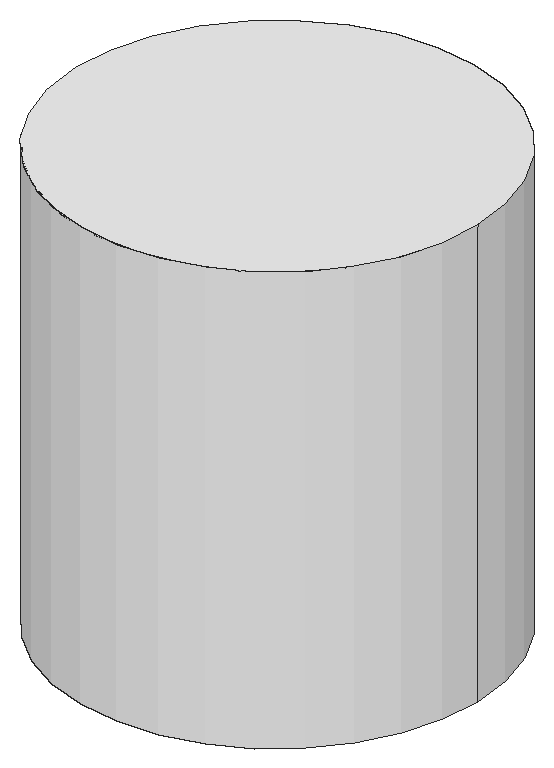
Revit family "TBW01401A_TAC", category Plumbing Fixtures, Revit 2018
Family settings
  Round Connector Dimension = Use Diameter
  Part Type = Normal
  OmniClass Number = 23.45.00.00
  OmniClass Title = Sanitary, Laundry, and Cleaning Equipment
  Work Plane-Based = No
  Always vertical = Yes
  Cut with Voids When Loaded = No
  Shared = No
  Room Calculation Point = No
Parameters
  Water Pressure = "0.05~1.0MPa"
  URL = "https://asia.toto.com/"
  Product URL = ""
  Product Documentation Link = ""
  Model = "TBW01401A"
  Material = none
  Flow rate = ""
  Description = "Thermostat Shower Column with Over Head Shower(1 mode)"
  Manufacturer = "TOTO LTD."  # constant formula
  HW Connection = yes
  Contact Us = ""
  CW Connection = yes
  Waste Connection = no
  Vent Connection = no
  Type Comments = ""
  Width = 298.0 mm
  Length = 586.0 mm
  Height = 1190.0 mm
  Finish = Polished Chrome
Reference planes
  plane 1 "Center (Front/Back)": y = 0
  plane 2: z = 0
  plane 3 "Center (Left/Right)": x = 0
  plane 4 "Left": x = -149
  plane 5 "Right": x = 149
  plane 6 "Up": z = 1143
  plane 7 "Down": z = -47
  plane 8 "Back": y = 0
  plane 9 "Front": y = -586
Forms (mm)
  Extrusion 1, solid, material "Polished Chrome"
    sketch origin (0, 0, 0) x (1, 0, 0) y (0, 1, 0)
      loop
        circle (0, -76) r 17
    from 826.787 to 862.908
Dimensions and locks
  "Width": plane 4 "Left" to plane 5 "Right"
  "Length": plane 8 "Back" to plane 9 "Front"
  "Height": plane 6 "Up" to plane 7 "Down"
  aligned and locked: level to plane 2
Automatic sketch dimensions
  Extrusion 1 sketch curve to plane 3 "Center (Left/Right)" = 0.0 mm
  plane 1 "Center (Front/Back)" to Extrusion 1 sketch curve = 76.0 mm
  radius of Extrusion 1 sketch curve = 17.0 mm
Connectors
  piping at (-75, 0, 0), diameter 15
    settings: on import instance, index 1, connector inside diameter 609.6 mm, connector length 0.0 mm, flow factor 0, pipe flow 0.0 L/s, pressure drop 0.0 Pa, fitting loss kfactor 0, connector angle 0.00°, fixture units 0, engagement length 0.0 mm, angle of deflection 0.00°, flow configuration 2, flow direction 1, fitting loss method 0, system type 19, joint type 0, gender type 0, connector reference index -1, connector utility 0, adjustable connector no, is connector primary yes, connector description ""
  piping at (75, 0, 0), diameter 15
    settings: on import instance, index 2, connector inside diameter 609.6 mm, connector length 0.0 mm, flow factor 0, pipe flow 0.0 L/s, pressure drop 0.0 Pa, fitting loss kfactor 0, connector angle 0.00°, fixture units 0, engagement length 0.0 mm, angle of deflection 0.00°, flow configuration 2, flow direction 1, fitting loss method 0, system type 20, joint type 0, gender type 0, connector reference index -1, connector utility 0, adjustable connector no, is connector primary no, connector description ""
